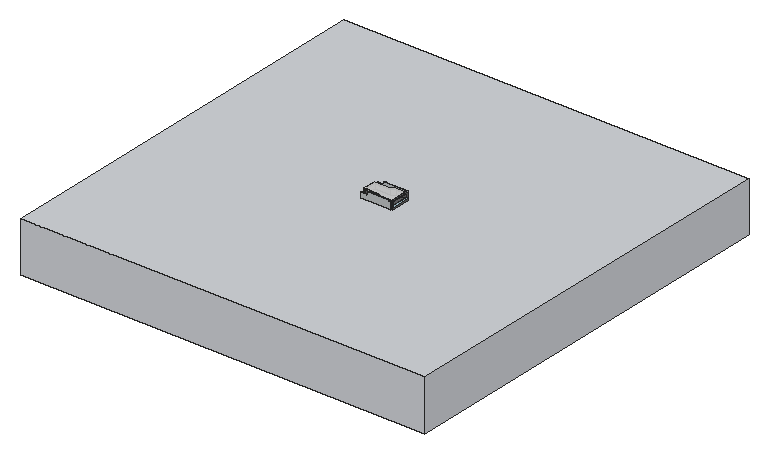
Revit family "Zero U kit for universal fixing", category Installations électriques, Revit 2020
Family settings
  Hôte = Face
  Conserver l'orientation des annotations = Non
  Cote de connecteur circulaire = Utiliser le diamètre
  Type d'élément = Normal
  Couper avec des vides une fois chargée = Non
  Partagée = Non
  Point de calcul de pièce = Non
Parameters
  with SUPPORT D EPISSURE = yes
  Width (mm) = 216 mm
  Position [instance] = if(Fixing with brackets, 18 mm, 0 mm)  # 0 mm
  Model = "Zero U Kit"
  Length = 179 mm
  Legrand part number = "LG-032103"
  Height (mm) = 64 mm
  GTIN = "3414971939509"
  Function = "Patch panel fiber optic"
  Fixing with brackets [instance] = no
  General Conditions of Use = "https://export.legrand.com/en/terms-of-use-BIM-objects"
  Fabricant = "LEGRAND"
  Default Elevation = 1219.2 mm
  E-catalogue link = "https://www.legrand.fr/reference/032103/pro"
  Description = "Zero U kit for universal fixing"
  Color = "Steel"
  BIM wording = "High density fiber patch panel"
  Application class = "EC001130"
Reference planes
  plane 1 "Centre (avant/arrière)": y = 0
  plane 2: z = 0
  plane 3 "Centre (gauche/droite)": x = 0
  plane 4 "Position": z = 0
  plane 5: x = -89.5
  plane 6: x = 89.5
  plane 7: y = -61.5
  plane 8: y = 61.5
  plane 9: y = -108
  plane 10: y = 108
Forms (mm)
  Extrusion 1, solid
    sketch origin (0, 0, 0) x (1, 0, 0) y (0, 1, 0)
      loop
        line (-1219.2, 1219.2) -> (-1219.2, -1219.2) -> (1219.2, -1219.2) -> (1219.2, 1219.2) -> (-1219.2, 1219.2)
    from 0 to -304.8
  Extrusion 2, solid, material "LEGRAND - Acier"
    sketch origin (0, 0, 0) x (0, 1, 0) y (0, 0, 1)
      loop
        line (-61.5, 0) -> (61.5, 0) -> (61.5, 46) -> (59.5, 46) -> (59.5, 2) -> (-59.5, 2) -> (-59.5, 46) -> (-61.5, 46) -> (-61.5, 0)
    from -89.5 to 89.5
  Extrusion 3, void
    sketch origin (0, 0, 0) x (1, 0, 0) y (0, 0, 1)
      loop
        line (-89.5, 46) -> (-89.5, 30) -> (-50.5, 30) -> (-50.5, 46) -> (-89.5, 46)
    from -61.5 to 61.5
  Extrusion 4, solid, material "LEGRAND - Acier", visible <- "Fixing with brackets"
    sketch origin (0, 0, 0) x (0, 1, 0) y (0, 0, 1)
      loop
        line (-71.5, 64) -> (-71.5, 18) -> (-61.5, 18) -> (-61.5, 64) -> (-71.5, 64)
      loop
        line (61.5, 64) -> (61.5, 18) -> (71.5, 18) -> (71.5, 64) -> (61.5, 64)
    from -23.5 to 69.5
  Extrusion 5, solid, material "LEGRAND - Acier", visible <- "Fixing with brackets"
    sketch origin (0, 0, 0) x (0, 1, 0) y (0, 0, 1)
      loop
        line (-71.5, 64) -> (-73.5, 64) -> (-73.5, 2) -> (-108, 2) -> (-108, 0) -> (-71.5, 0) -> (-71.5, 64)
      loop
        line (71.5, 64) -> (71.5, 0) -> (108, 0) -> (108, 2) -> (73.5, 2) -> (73.5, 64) -> (71.5, 64)
    from -23.5 to 69.5
  Extrusion 6, void
    sketch origin (0, 0, 0) x (1, 0, 0) y (0, 1, 0)
      loop
        circle (0.829, 97.976) r 4
      loop
        circle (46.829, 97.976) r 4
      loop
        line (44.829, 86.265) -> (44.829, 82.065)
        arc (44.829, 82.065) -> (46.829, 80.065) -> (48.829, 82.065) r 2
        line (48.829, 82.065) -> (48.829, 86.265)
        arc (48.829, 86.265) -> (46.829, 88.265) -> (44.829, 86.265) r 2
      loop
        arc (2.829, 86.265) -> (0.829, 88.265) -> (-1.171, 86.265) r 2
        line (-1.171, 86.265) -> (-1.171, 82.065)
        arc (-1.171, 82.065) -> (0.829, 80.065) -> (2.829, 82.065) r 2
        line (2.829, 82.065) -> (2.829, 86.265)
      loop
        circle (0.829, -98.024) r 4
      loop
        circle (46.829, -98.024) r 4
      loop
        arc (44.829, -86.314) -> (46.829, -88.314) -> (48.829, -86.314) r 2
        line (48.829, -86.314) -> (48.829, -82.114)
        arc (48.829, -82.114) -> (46.829, -80.114) -> (44.829, -82.114) r 2
        line (44.829, -82.114) -> (44.829, -86.314)
      loop
        line (2.829, -86.314) -> (2.829, -82.114)
        arc (2.829, -82.114) -> (0.829, -80.114) -> (-1.171, -82.114) r 2
        line (-1.171, -82.114) -> (-1.171, -86.314)
        arc (-1.171, -86.314) -> (0.829, -88.314) -> (2.829, -86.314) r 2
    from 0 to 42.395
Cuts and joins
  Extrusion 3 cuts Extrusion 2
  Extrusion 6 cuts Extrusion 5
Dimensions and locks
  "Position": plane 4 "Position" to plane 2
  equal spacing: plane 5, plane 3 "Centre (gauche/droite)", plane 6
  plane 5 to plane 6 = 179 mm
  equal spacing: plane 7, plane 1 "Centre (avant/arrière)", plane 8
  plane 7 to plane 8 = 123 mm
  locked: Extrusion 2 sketch curve to Extrusion 2 sketch curve at 46
  locked: Extrusion 2 sketch curve to Extrusion 2 sketch curve at 2  (x3)
  locked: Extrusion 3 sketch curve to plane 4 "Position" at 30
  equal spacing: plane 9, plane 1 "Centre (avant/arrière)", plane 10
  "Width (mm)": plane 9 to plane 10
  locked: Extrusion 4 sketch curve to cut or joined group of Extrusion 2, Extrusion 3 at 10
  locked: cut or joined group of Extrusion 2, Extrusion 3 to Extrusion 4 sketch curve at 10
  locked: Extrusion 5 sketch curve to Extrusion 5 sketch curve at 2  (x2)
  locked: Extrusion 5 sketch curve to Extrusion 4 at 2
  locked: Extrusion 4 to Extrusion 5 sketch curve at 2
  locked: Extrusion 4 sketch curve to Extrusion 4 sketch curve at 46
  locked: cut or joined group of Extrusion 5, Extrusion 6 to plane 2 at 64
  aligned and locked: plane 2 to Extrusion 1
  aligned and locked: level to Extrusion 1
  aligned and locked: Extrusion 2 to plane 5
  aligned and locked: plane 6 to Extrusion 2
  aligned and locked: Extrusion 2 sketch curve to plane 4 "Position"
  aligned and locked: Extrusion 2 sketch curve to plane 8
  aligned and locked: Extrusion 2 sketch curve to plane 7
  aligned and locked: plane 5 to Extrusion 3 sketch curve
  aligned and locked: plane 8 to Extrusion 3
  aligned and locked: Extrusion 3 to plane 7
  aligned and locked: Extrusion 4 sketch curve to plane 7
  aligned and locked: plane 8 to Extrusion 4 sketch curve
  aligned and locked: plane 9 to Extrusion 5 sketch curve
  aligned and locked: plane 10 to Extrusion 5 sketch curve
  aligned and locked: nested 1 to plane 1 "Centre (avant/arrière)"
  aligned and locked: Extrusion 5 sketch curve to plane 2
  aligned and locked: plane 2 to Extrusion 5 sketch curve
  aligned and locked: cut or joined group of Extrusion 5, Extrusion 6 to Extrusion 4  (x2)
  aligned and locked: cut or joined group of Extrusion 5, Extrusion 6 to cut or joined group of Extrusion 5, Extrusion 6
  aligned and locked: Extrusion 4 sketch curve to Extrusion 4 sketch curve
Automatic sketch dimensions
  Extrusion 1 sketch curve to Extrusion 1 sketch curve = 2438.4 mm  (x2)
  Extrusion 2 sketch curve to Extrusion 2 sketch curve = 44 mm
  Extrusion 3 sketch curve to Extrusion 3 sketch curve = 39 mm
  Extrusion 5 sketch curve to Extrusion 5 sketch curve = 2 mm  (x2)
  Extrusion 3 sketch curve to Extrusion 3 sketch curve = 16 mm
  Extrusion 6 sketch curve to plane 3 "Centre (gauche/droite)" = 1.171 mm  (x2)
  plane 3 "Centre (gauche/droite)" to Extrusion 6 sketch curve = 0.829 mm  (x4)
  Extrusion 6 sketch curve to Extrusion 6 sketch curve = 42 mm  (x2)
  Extrusion 6 sketch curve to Extrusion 6 sketch curve = 2 mm  (x2)
  Extrusion 6 sketch curve to Extrusion 6 sketch curve = 0 mm  (x2)
  plane 9 to Extrusion 6 sketch curve = 9.976 mm  (x2)
  Extrusion 6 sketch curve to Extrusion 6 sketch curve = 11.71 mm  (x2)
  Extrusion 6 sketch curve to Extrusion 6 sketch curve = 4.2 mm  (x4)
  plane 8 to Extrusion 6 sketch curve = 20.565 mm  (x2)
  Extrusion 6 sketch curve to plane 10 = 10.024 mm  (x2)
  plane 4 "Position" to Extrusion 4 sketch curve = 64 mm
  plane 4 "Position" to Extrusion 5 sketch curve = 64 mm  (x2)
  plane 4 "Position" to Extrusion 4 sketch curve = 18 mm
  radius of Extrusion 6 sketch curve = 4 mm  (x4)
Nested families
  nested 1: "Fiber optic splicing cassette for HD modular panel" at (89.5, 0, 2) x (0, 1, 0) z (0, 0, 1), type "Fiber optic splicing cassette for HD modular panel"
Definition of nested family "Fiber optic splicing cassette for HD modular panel"
  Parameters (values of type "IDS_FO_COIL_CASSET_HD_MODUL_PANEL")
    Manufacturer = "LEGRAND"
    Default Elevation = 1219.2 mm
    Description = "IDS_Fiber optic coiling cassette for HD modular panel"
  Reference planes
    plane 1 "Centre (avant/arrière)": y = 0
    plane 2: z = 0
    plane 3 "Centre (gauche/droite)": x = 0
  Forms (mm)
    Extrusion 1, solid
      sketch origin (0, 0, 0) x (1, 0, 0) y (0, 1, 0)
        loop
          line (-1219.2, 1219.2) -> (-1219.2, 0) -> (1219.2, 0) -> (1219.2, 1219.2) -> (-1219.2, 1219.2)
      from 0 to -304.8
    Extrusion 2, solid
      sketch origin (0, -6, 0) x (1, 0, 0) y (0, 1, 0)
        loop
          line (-40.459, 185) -> (-40.459, 87.623) -> (-55.15, 67.402) -> (-55.15, 0) -> (55.15, 0) -> (55.15, 67.402) -> (40.459, 87.623) -> (40.459, 185) -> (-40.459, 185)
      from 0 to 31.7
    Extrusion 3, solid
      sketch origin (0, -6, 31.7) x (1, 0, 0) y (0, 1, 0)
        loop
          line (-40.459, 185) -> (-40.459, 87.623) -> (-55.15, 67.402) -> (-55.15, 9) -> (55.15, 9) -> (55.15, 67.402) -> (40.459, 87.623) -> (40.459, 185) -> (-40.459, 185)
      from 0 to 9
    Extrusion 4, solid
      sketch origin (0, -6, 31.7) x (1, 0, 0) y (0, 1, 0)
        loop
          line (-55.15, 9) -> (-55.15, 0) -> (55.15, 0) -> (55.15, 9) -> (-55.15, 9)
      from 0 to 9
    Extrusion 5, void
      sketch origin (0, -6, 0) x (1, 0, 0) y (0, 1, 0)
        loop
          line (38.459, 183) -> (-38.459, 183) -> (-38.459, 86.974) -> (-53.15, 66.753) -> (-53.15, -10) -> (53.15, -10) -> (53.15, 66.753) -> (38.459, 86.974) -> (38.459, 183)
      from 4.525 to 38
    Extrusion 6, solid
      sketch origin (0, -5.6, 0) x (1, 0, 0) y (0, 1, 0)
        loop
          line (-53.15, -0.4) -> (53.15, -0.4) -> (53.15, 1.6) -> (-53.15, 1.6) -> (-53.15, -0.4)
      from 4.5 to 15
    Extrusion 7, solid
      sketch origin (0, 0, 0) x (1, 0, 0) y (0, 1, 0)
        loop
          line (-55.15, 0) -> (-55.15, -6) -> (55.15, -6) -> (55.15, 0) -> (-55.15, 0)
      from -3 to 0
  Cuts and joins
    Extrusion 5 cuts Extrusion 2
    Extrusion 5 cuts Extrusion 4
    joined: Extrusion 2, Extrusion 4, Extrusion 7
    Extrusion 5 cuts Extrusion 3
  Dimensions and locks
    aligned and locked: plane 2 to Extrusion 1
    aligned and locked: level to Extrusion 1
  Connectors
    electrical at (0, 179, 15.85)
      settings: on cut or joined group of Extrusion 2, Extrusion 4, Extrusion 5, Extrusion 7, index 1, voltage 0 V, apparent load 0 VA, apparent load phase1 0 VA, apparent load phase2 0 VA, apparent load phase3 0 VA, power factor 1, load classification none, number of poles 1, system type 31, power factor state 1, is connector primary yes, connector utility no, sub classification motor no, connector description ""
